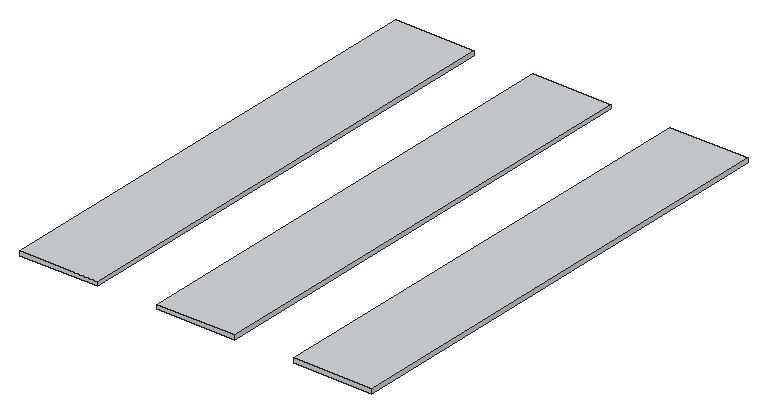
Revit family "G 6060 OMA", category Lighting Fixtures, host Ceiling, Revit 2017
Family settings
  Host = Ceiling
  Round Connector Dimension = Use Diameter
  Part Type = Normal
  OmniClass Number = 23.80.70.11
  OmniClass Title = Luminaries for Internal Lighting
  Always vertical = Yes
  Cut with Voids When Loaded = No
  Light Source = Yes
  Shared = No
  Room Calculation Point = No
Parameters (values of type "GOMA.6060.37.30")
  Wattage Comments = "37"
  Wattage = 19.1865 W
  built-in parameter 1150110 = 1 (stored number, unit not read)
  Type Image = G 6060 OMA.JPG
  built-in parameter 1114217 = 1 (stored number, unit not read)
  built-in parameter 1150109 = 1 (stored number, unit not read)
  built-in parameter 1150134 = (empty or 0)
  built-in parameter 1150113 = 1 (stored number, unit not read)
  Manufacturer = "ARLIGHT"
  Lumens = 2850 lm
  built-in parameter 1150115 = 1 (stored number, unit not read)
  built-in parameter 1150105 = 907.18 (stored number, unit not read)
  Light Source Symbol Size = 609.6 mm
  built-in parameter 1150137 = (empty or 0)
  built-in parameter 1150139 = (empty or 0)
  built-in parameter 1150112 = 1 (stored number, unit not read)
  built-in parameter 1150114 = 1 (stored number, unit not read)
  built-in parameter 1150132 = 2
  built-in parameter 1150102 = (empty or 0)
  built-in parameter 1150138 = (empty or 0)
  built-in parameter 1150107 = 3000 (stored number, unit not read)
  built-in parameter 1150106 = 9.0718 (stored number, unit not read)
  Emit from Rectangle Width = 570 mm
  Emit from Rectangle Length = 570 mm
  Emit Shape Visible in Rendering = yes
  built-in parameter 1150104 = 13.8 (stored number, unit not read)
  Dimming Lamp Color Temperature Shift = <None>
  Color Filter = 16777215
  built-in parameter 1114218 = 1 (stored number, unit not read)
  built-in parameter 1150133 = 10 (stored number, unit not read)
Types (5, lengths in mm): name | Wattage Comments | Wattage | built-in parameter 1150134 | Lumens | built-in parameter 1150105 | built-in parameter 1150107 | built-in parameter 1150106
  (no name) | "37" | 19.1865 W | (empty or 0) | 2850 lm | 907.18 (stored number, unit not read) | 3000 (stored number, unit not read) | 9.0718 (stored number, unit not read)
  GOMA.6060.42.30 | "42" | 21.0715 W | (empty or 0) | 3130 lm | 996.31 (stored number, unit not read) | 3000 (stored number, unit not read) | 9.9631 (stored number, unit not read)
  GOMA.6060.42.40 | "42" | 22.7882 W | 12 | 3385 lm | 1077.5 (stored number, unit not read) | 4000 (stored number, unit not read) | 10.775 (stored number, unit not read)
  GOMA.6060.37.30 | "37" | 19.1865 W | (empty or 0) | 2850 lm | 907.18 (stored number, unit not read) | 3000 (stored number, unit not read) | 9.0718 (stored number, unit not read)
  GOMA.6060.37.40 | "37" | 20.7349 W | 12 | 3080 lm | 980.39 (stored number, unit not read) | 4000 (stored number, unit not read) | 9.8039 (stored number, unit not read)
Reference planes
  plane 1 "Light Source Axis (F/B)": y = 0
  plane 2 "Ceiling": z = 2438.4
  plane 3 "Light Source Axis (L/R)": x = 0
  plane 4 "Light Source Elevation": z = 2445.55
Forms (mm)
  Extrusion 1, solid
    sketch origin (0, 0, 2438.4) x (1, 0, 0) y (0, 1, 0)
      loop
        line (-213.519, 286.2) -> (-213.519, -285.3) -> (-119.018, -285.3) -> (-119.018, 286.2) -> (-213.519, 286.2)
    from 0 to 5
  Extrusion 2, solid
    sketch origin (166.2, 0, 2438.4) x (1, 0, 0) y (0, 1, 0)
      loop
        line (-213.519, 286.2) -> (-213.519, -285.3) -> (-119.018, -285.3) -> (-119.018, 286.2) -> (-213.519, 286.2)
    from 0 to 5
  Extrusion 3, solid
    sketch origin (332.4, 0, 2438.4) x (1, 0, 0) y (0, 1, 0)
      loop
        line (-213.519, 286.2) -> (-213.519, -285.3) -> (-119.018, -285.3) -> (-119.018, 286.2) -> (-213.519, 286.2)
    from 0 to 5
Lines and regions (mm)
  Opening 1
    outline origin (0, 0, 2438.4) x (1, 0, 0) y (0, 1, 0)
      loop
        line (-287.429, -287.5) -> (286.429, -287.5) -> (286.429, 287.2) -> (-287.429, 287.2) -> (-287.429, -287.5)
Dimensions and locks
  equal spacing: host sketch curve, plane 3 "Light Source Axis (L/R)", host sketch curve
  equal spacing: host sketch curve, plane 1 "Light Source Axis (F/B)", host sketch curve
  host sketch curve to host sketch curve = 3048 mm  (x2)
  aligned and locked: plane 3 "Light Source Axis (L/R)" to imposter light
  aligned and locked: plane 1 "Light Source Axis (F/B)" to imposter light
  aligned and locked: plane 4 "Light Source Elevation" to imposter light
Connectors
  electrical at (0, 0, 2438.4)
    settings: index 1, voltage 0 V, apparent load 0 VA, apparent load phase1 0 VA, apparent load phase2 0 VA, apparent load phase3 0 VA, power factor 1, load classification "Other", number of poles 1, system type 31, power factor state 1, is connector primary yes, connector utility no, sub classification motor no, connector description ""
